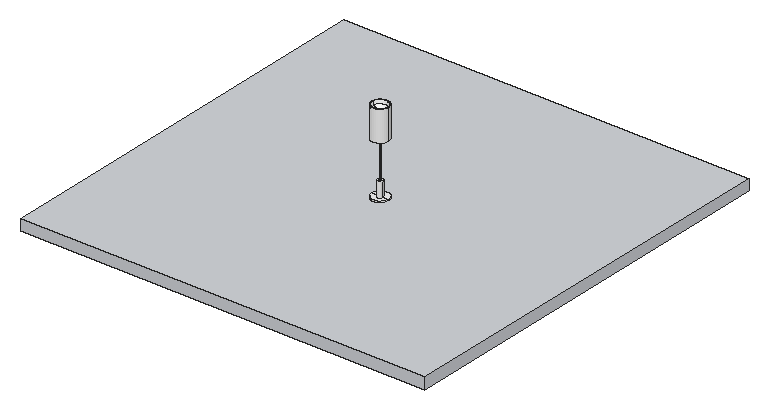
Revit family "Zumtobel VIVO II-P M", category Lighting Fixtures, host Face, Revit 2018
Family settings
  Host = Face
  Round Connector Dimension = Use Diameter
  Part Type = Normal
  OmniClass Number = 23.80.70.11
  OmniClass Title = Luminaries for Internal Lighting
  Cut with Voids When Loaded = No
  Light Source = Yes
  Shared = No
  Room Calculation Point = No
Parameters (values of type "VIVO II-P M ANB")
  Width = 95.00 mm  # constant formula
  Wattage = 20.8695 W
  built-in parameter 1150110 = 1 (stored number, unit not read)
  Voltage = 230 V
  URL = "http://www.zumtobel.com/60510463"
  Type Comments = "© Zumtobel. We reserve the right to make technical changes without prior notice."  # constant formula
  built-in parameter 1114217 = 1 (stored number, unit not read)
  Tilt Angle = -90.00°
  built-in parameter 1150109 = 1 (stored number, unit not read)
  built-in parameter 1150134 = (empty or 0)
  Suspension Height [instance] = 500.00 mm
  built-in parameter 1150113 = 1 (stored number, unit not read)
  Photometric Web File = "60510463_(STD_LEO).IES"
  Model = "60510463"
  Manufacturer = "Zumtobel Lighting"  # constant formula
  built-in parameter 1150105 = 11873 (stored number, unit not read)
  Lumens = 3100 lm
  built-in parameter 1150115 = 1 (stored number, unit not read)
  built-in parameter 1150137 = (empty or 0)
  built-in parameter 1150139 = (empty or 0)
  Length = 95.00 mm  # constant formula
  built-in parameter 1150112 = 1 (stored number, unit not read)
  built-in parameter 1150114 = 1 (stored number, unit not read)
  Lamp = "LED"  # constant formula
  built-in parameter 1150132 = 2
  built-in parameter 1150102 = (empty or 0)
  built-in parameter 1150107 = 3000 (stored number, unit not read)
  built-in parameter 1150138 = (empty or 0)
  built-in parameter 1150106 = 118.73 (stored number, unit not read)
  Height = 180.00 mm  # constant formula
  Front Ring [instance] = ZG_Metal_White
  built-in parameter 1150104 = 13.8 (stored number, unit not read)
  Dimming Lamp Color Temperature Shift = <None>
  Description = "Pendant Spotlight"  # constant formula
  Color Filter = 16777215
  Mounting [instance] = ZG_Metal_White
  Body [instance] = ZG_Metal_White
  built-in parameter 1114218 = 1 (stored number, unit not read)
  built-in parameter 1150133 = 10 (stored number, unit not read)
  Apparent Load = 26.5 VA
  Default Elevation = 0.00 mm
  Assembly Code = "D5020200"
Reference planes
  plane 1 "Center (Front/Back)": y = 0
  plane 2: z = 0
  plane 3 "Center (Left/Right)": x = -25.048
  plane 4: z = 320
  plane 5: z = 500
  plane 6: z = 92
  plane 7: z = 460
Forms (mm)
  Extrusion 1, solid
    sketch origin (0, 0, 0) x (1, 0, 0) y (0, 1, 0)
      loop
        line (-1219.2, 1219.2) -> (-1219.2, -1219.2) -> (1219.2, -1219.2) -> (1219.2, 1219.2) -> (-1219.2, 1219.2)
    from 0 to -66.193
  Extrusion 2, solid, material "ZG_Metal_White" <- "Body"
    sketch origin (0, -500, 0) x (1, 0, 0) y (0, 1, 0)
      loop
        circle (-25.048, 500) r 1.5
    from 92 to 320
  Revolve 3, solid, material "ZG_Metal_White" <- "Mounting"
    sketch origin (0, 0, 0) x (1, 0, 0) y (0, 0, 1)
      loop
        line (-25.048, 0) -> (-25.048, 92) -> (-40.048, 92) -> (-40.048, 5) -> (-75.048, 5) -> (-75.048, 0) -> (-25.048, 0)
      axis (-25.048, 92) -> (-25.048, 0)
    angle from 0 to 360
Dimensions and locks
  "Suspension Height": plane 5 to plane 2
  plane 5 to plane 4 = 180.00 mm
  locked: plane 6 to level at 92
  locked: plane 5 to plane 7 at 40
  aligned and locked: plane 2 to Extrusion 1
  aligned and locked: level to Extrusion 1
  aligned and locked: imposter light to plane 1 "Center (Front/Back)"
  aligned and locked: nested 1 to plane 4  (x2)
  aligned: plane 3 "Center (Left/Right)" to nested 1  (x2)
  aligned: imposter light to nested 1
  aligned and locked: plane 3 "Center (Left/Right)" to imposter light
  aligned: plane 4 to Extrusion 2
  aligned and locked: plane 4 to Extrusion 2
  aligned and locked: Extrusion 2 to plane 6
  aligned and locked: plane 7 to imposter light
Automatic sketch dimensions
  Extrusion 1 sketch curve to Extrusion 1 sketch curve = 2438.40 mm  (x2)
  plane 1 "Center (Front/Back)" to Extrusion 2 sketch curve = 0.00 mm
  Extrusion 2 sketch curve to plane 3 "Center (Left/Right)" = 0.00 mm
  Revolve 3 sketch curve to level = 0.00 mm
  Revolve 3 sketch curve to plane 3 "Center (Left/Right)" = 0.00 mm  (x2)
  Revolve 3 sketch curve to Revolve 3 sketch curve = 15.00 mm
  level to Revolve 3 sketch curve = 5.00 mm
  Revolve 3 sketch curve to Revolve 3 sketch curve = 35.00 mm
  Revolve 3 sketch curve to Revolve 3 sketch curve = 87.00 mm
  Revolve 3 sketch curve to level = 15.00 mm
  Revolve 3 sketch curve to Revolve 3 sketch curve = 30.00 mm
  radius of Extrusion 2 sketch curve = 1.50 mm
Nested families
  nested 1: "VIVO II-P M Body" at (155, 200, 320) x (0, 1, 0) z (0, 0, 1), Body <- "Body", Front Ring <- "Front Ring", type "VIVO II-P M Body"
    with Front Ring ZG_Metal_White, Cover ZG_Lamp_Self_llumination_Opaque, Body ZG_Metal_White
Connectors
  electrical at (-25.048, 0, 0), driven by "Apparent Load", driven by "Voltage"
    settings: index 1, voltage 230 V, apparent load 0 VA, apparent load phase1 26.5 VA, apparent load phase2 0 VA, apparent load phase3 0 VA, power factor 1, load classification "Lighting", number of poles 1, system type 31, power factor state 1, is connector primary yes, connector utility no, sub classification motor no, connector description "Power"
Definition of nested family "VIVO II-P M Body"
  Parameters (values of type "Zumtobel VIVO P Body")
    URL = ""
    Model = ""
    Manufacturer = "Zumtobel Lighting"  # constant formula
    Lamp = ""
    Front Ring [instance] = none
    Emit Shape Visible in Rendering = no
    Description = ""
    Default Elevation = 0.00 mm
    Cover [instance] = none
    Body [instance] = none
    Assembly Code = ""
    Apparent Load = 0 VA
  Reference planes
    plane 1 "Top": z = 0
    plane 2 "Center (Front/Back)": x = -200
    plane 3 "Center L/R": y = -180.048
    plane 4: z = 180
  Forms (mm)
    Revolve 1, solid, material <- "Body"
      sketch origin (-200, -155, 47.952) x (0, 0, 1) y (0, -1, 0)
        loop
          line (-47.952, -24.952) -> (132.048, -24.952) -> (132.048, -23.452) -> (129.048, -23.452) -> (129.048, -22.452) -> (132.048, -22.452) -> (132.048, -20.952) -> (117.048, -15.212)
          arc (117.048, -15.212) -> (102.135, -2.076) -> (92.048, 15.048) r 63.096
          line (92.048, 15.048) -> (92.048, 25.048) -> (-47.952, 25.048) -> (-47.952, -24.952)
        axis (-47.952, 25.048) -> (132.048, 25.048)
      angle from 0 to 360
  Dimensions and locks
    aligned and locked: level to plane 1 "Top"
